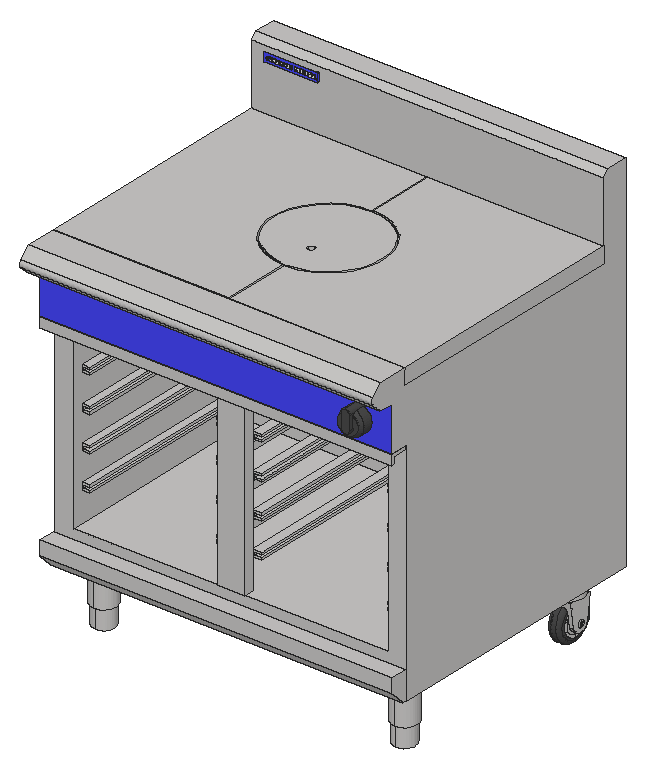
Revit family "QF_MOFFAT_BLUESEAL_CE_G57-CB", category Specialty Equipment, Revit 2012
Parameters
  Width = 900 mm
  Weight in Pounds = 489
  URL Cutsheet = "www.moffat.com"
  URL = "www.moffat.com"
  Type Mark [instance] = ""
  Status [instance] = ""
  Specification by User [instance] = ""
  Specification by Manufacturer = ""
  Show Logo [instance] = yes
  Show Clearance [instance] = yes
  Show Casters [instance] = yes
  Serial Number = ""
  Seismic Rating = ""
  SMACNA No = ""
  Revision Code [instance] = ""
  Omniclass Number and Title = ""
  NAFEM Spec ID Number = ""
  Model = "G57-CB"
  Mechanical Remarks = ""
  Mechanical Connection Type [instance] = ""
  Masterspec = ""
  Manufacturer = "MOFFAT BLUESEAL"
  Legs [instance] = not(Show Casters)  # no
  Item Number [instance] = ""
  Installed By [instance] = ""
  Identify Quantity as Lot [instance] = yes
  Height = 1085 mm
  Gas Size = 3/4"
  Gas RI Height [instance] = 0 mm
  Gas KW [instance] = 12.5
  Gas Input [instance] = 42651.0 Btu/h
  Gas Connection Height = 0 mm
  Furnished By [instance] = ""
  Foodservice Equipment Identifier [instance] = yes
  Description = "900MM GAS TARGET TOP ON CABINET BASE"
  Depth = 812 mm
  CSI MasterFormat = ""
  CSI Master Format = ""
Reference planes
  plane 1 "BACK": y = 0
  plane 2: z = 0
  plane 3 "LEFT": x = 0
  plane 4 "RIGHT": x = 900
  plane 5 "FRONT": y = -812
  plane 6 "TOP": z = 970
  plane 7 "Center Y": x = 450
  plane 8 "Center X": y = -406
  plane 9: x = 280
  plane 10: y = -574.272
  plane 11: x = 60
  plane 12: y = -304.972
  plane 13: y = -364.972
  plane 14: x = 74
  plane 15: x = 834.5
  plane 16: y = -32
  plane 17: z = 655
  plane 18: z = 1085
Forms (mm)
  Extrusion 1, solid, material "QF_Finishes_Stainless Steel"
    sketch origin (0, 0, 0) x (0, 1, 0) y (0, 0, 1)
      loop
        line (0, 1085) -> (-57, 1085) -> (-70, 1072) -> (-70, 875) -> (-705, 875) -> (-705, 915) -> (-783.97, 915) -> (-808.503, 890.467)
        arc (-808.503, 890.467) -> (-812.01, 882) -> (-808.503, 873.533) r 11.974
        line (-808.503, 873.533) -> (-784.97, 850) -> (-749, 850) -> (-749, 736.219) -> (-699, 736.219) -> (-699, 150) -> (0, 150) -> (0, 1085)
      loop
        line (-749, 222.5) -> (-749, 186) -> (-713, 150) -> (-703.2, 150) -> (-703.2, 222.5) -> (-749, 222.5)
      loop
        line (-749, 710) -> (-740.224, 710) -> (-742.613, 726.999) -> (-707.93, 726.999) -> (-707.93, 734.003) -> (-749, 734.003) -> (-749, 710)
    from 0 to 900
  Extrusion 2, solid, material "QF_Finishes_Stainless Steel"
    sketch origin (0, 0, 0) x (0, 1, 0) y (0, 0, 1)
      loop
        line (-70, 915) -> (-705, 915) -> (-705, 875) -> (-70, 875) -> (-70, 915)
    from 0 to 900
  Revolve 3, solid, material "QF_Finishes_Black"
    sketch origin (824.351, 45.874, 0) x (0, 1, 0) y (0, 0, 1)
      loop
        line (-827.874, 829.5) -> (-838.874, 823.651) -> (-838.874, 797) -> (-794.874, 797) -> (-794.874, 802) -> (-804.874, 802) -> (-804.874, 829.5) -> (-827.874, 829.5)
      axis (-838.874, 797) -> (-794.874, 797)
    angle from 0 to 360
  Extrusion 4, solid, material "QF_Finishes_Black"
    sketch origin (676.544, 7, 0) x (1, 0, 0) y (0, 0, 1)
      loop
        line (158.3, 789) -> (158.3, 824)
        arc (158.3, 824) -> (148.3, 834) -> (138.3, 824) r 10
        line (138.3, 824) -> (138.3, 789)
        arc (138.3, 789) -> (148.3, 779) -> (158.3, 789) r 10
    from 759 to 808
  Extrusion 5, void
    sketch origin (0, -72.734, 915) x (1, 0, 0) y (0, -1, 0)
      loop
        line (447.967, 173.281) -> (447.967, -2.734) -> (452.2, -2.734) -> (452.2, 173.283)
        arc (452.2, 173.283) -> (592.5, 315.967) -> (451.798, 458.255) r 142.5
        line (451.798, 458.255) -> (451.798, 632.266) -> (447.7, 632.266) -> (447.7, 458.248)
        arc (447.7, 458.248) -> (307.5, 315.632) -> (447.967, 173.281) r 142.5
      loop
        circle (450, 315.766) r 138
      loop
        circle (450, 370.766) r 8.75
    from 0 to 10
  Revolve 6, solid, material "QF_Finishes_Stainless Steel"
    sketch origin (834.5, -696.126, 0) x (0, 1, 0) y (0, 0, -1)
      loop
        line (39.376, -150) -> (71.126, -150) -> (71.126, 0) -> (43.626, 0) -> (43.626, -50) -> (39.376, -50) -> (39.376, -150)
      axis (71.126, -150) -> (71.126, 0)
    angle from 0 to 360
  Revolve 7, solid, material "QF_Finishes_Stainless Steel"
    sketch origin (65.5, -696.126, 0) x (0, 1, 0) y (0, 0, 1)
      loop
        line (39.376, 150) -> (39.376, 50) -> (43.626, 50) -> (43.626, 0) -> (71.126, 0) -> (71.126, 150) -> (39.376, 150)
      axis (71.126, 150) -> (71.126, 0)
    angle from 0 to 360
  Extrusion 8, solid, material "QF_Finishes_Stainless Steel"
    sketch origin (-64.5, 0, 325) x (1, 0, 0) y (0, 1, 0)
      loop
        circle (834.5, -32) r 10
    from 330 to 355
  Extrusion 9, solid, material "QF_Finishes_Stainless Steel", visible <- "Show Casters"
    sketch origin (71.501, 133.353, -8.783) x (0, 1, 0) y (0, 0, 1)
      loop
        line (-201.603, 118.783) -> (-265.103, 118.783) -> (-252.746, 53.895)
        arc (-252.746, 53.895) -> (-233.353, 38.783) -> (-213.959, 53.895) r 20
        line (-213.959, 53.895) -> (-201.603, 118.783)
    from -35.667 to 22.923
  Revolve 10, solid, material "QF_Finishes_Stainless Steel", visible <- "Show Casters"
    sketch origin (65, -203, 0) x (0, 1, 0) y (0, 0, 1)
      loop
        line (67.25, 150) -> (67.25, 110) -> (103, 110) -> (103, 150) -> (67.25, 150)
      axis (103, 150) -> (103, 110)
    angle from 0 to 360
  Revolve 11, solid, material "QF_Finishes_Stainless Steel", visible <- "Show Casters"
    sketch origin (834.5, -203, 0) x (0, 1, 0) y (0, 0, -1)
      loop
        line (67.25, -150) -> (103, -150) -> (103, -110) -> (67.25, -110) -> (67.25, -150)
      axis (103, -150) -> (103, -110)
    angle from 0 to 360
  Revolve 12, solid, material "QF_Finishes_Stainless Steel", visible <- "Show Casters"
    sketch origin (785.276, -99.755, -13.653) x (1, 0, 0) y (0, 0, 1)
      loop
        line (14.841, 64.453) -> (83.584, 64.453) -> (83.584, 67.958) -> (82.314, 69.228) -> (80.79, 69.228) -> (80.79, 72.674) -> (68.644, 72.674) -> (68.644, 82.639) -> (65.088, 84.692) -> (63.738, 93.028) -> (65.881, 93.028) -> (65.881, 99.378) -> (65.088, 99.378) -> (65.088, 105.728)
        arc (65.088, 105.728) -> (62.298, 112.463) -> (55.563, 115.253) r 9.525
        line (55.563, 115.253) -> (42.863, 115.253)
        arc (42.863, 115.253) -> (36.127, 112.463) -> (33.338, 105.728) r 9.525
        line (33.338, 105.728) -> (33.338, 99.378) -> (32.544, 99.378) -> (32.544, 93.028) -> (34.687, 93.028) -> (33.352, 84.781) -> (29.782, 82.719) -> (29.782, 72.674) -> (17.635, 72.674) -> (17.635, 69.228) -> (16.111, 69.228) -> (14.841, 67.958) -> (14.841, 64.453)
      axis (14.841, 64.453) -> (83.584, 64.453)
    angle from 0 to 360
  Extrusion 13, solid, material "QF_Finishes_Stainless Steel", visible <- "Show Casters"
    sketch origin (841.001, 133.353, -8.783) x (0, 1, 0) y (0, 0, 1)
      loop
        line (-201.603, 118.783) -> (-265.103, 118.783) -> (-252.746, 53.895)
        arc (-252.746, 53.895) -> (-233.353, 38.783) -> (-213.959, 53.895) r 20
        line (-213.959, 53.895) -> (-201.603, 118.783)
    from -35.667 to 22.923
  Revolve 14, solid, material "QF_Finishes_Stainless Steel", visible <- "Legs"
    sketch origin (65, -165, 0) x (0, 1, 0) y (0, 0, 1)
      loop
        line (33.25, 150) -> (33.25, 50) -> (37.5, 50) -> (37.5, 0) -> (65, 0) -> (65, 150) -> (33.25, 150)
      axis (65, 150) -> (65, 0)
    angle from 0 to 360
  Revolve 15, solid, material "QF_Finishes_Stainless Steel", visible <- "Legs"
    sketch origin (834.5, -165, 0) x (0, 1, 0) y (0, 0, -1)
      loop
        line (33.25, -150) -> (65, -150) -> (65, 0) -> (37.5, 0) -> (37.5, -50) -> (33.25, -50) -> (33.25, -150)
      axis (65, -150) -> (65, 0)
    angle from 0 to 360
  Revolve 16, solid, material "QF_Finishes_Stainless Steel", visible <- "Show Casters"
    sketch origin (114.224, -99.755, -13.653) x (-1, 0, 0) y (0, 0, -1)
      loop
        line (14.841, -64.453) -> (14.841, -67.958) -> (16.111, -69.228) -> (17.635, -69.228) -> (17.635, -72.674) -> (29.782, -72.674) -> (29.782, -82.719) -> (33.352, -84.781) -> (34.687, -93.028) -> (32.544, -93.028) -> (32.544, -99.378) -> (33.338, -99.378) -> (33.338, -105.728)
        arc (33.338, -105.728) -> (36.127, -112.463) -> (42.863, -115.253) r 9.525
        line (42.863, -115.253) -> (55.563, -115.253)
        arc (55.563, -115.253) -> (62.298, -112.463) -> (65.088, -105.728) r 9.525
        line (65.088, -105.728) -> (65.088, -99.378) -> (65.881, -99.378) -> (65.881, -93.028) -> (63.738, -93.028) -> (65.088, -84.692) -> (68.644, -82.639) -> (68.644, -72.674) -> (80.79, -72.674) -> (80.79, -69.228) -> (82.314, -69.228) -> (83.584, -67.958) -> (83.584, -64.453) -> (14.841, -64.453)
      axis (14.841, -64.453) -> (83.584, -64.453)
    angle from 0 to 360
  Extrusion 17, void
    sketch origin (0, -696.73, 640) x (0, 0, -1) y (-1, 0, 0)
      loop
        line (395.98, -46.922) -> (-39.02, -46.922) -> (-39.02, -853.078) -> (395.98, -853.078) -> (395.98, -46.922)
    from -2.27 to 558.809
  Extrusion 18, solid, material "QF_Finishes_Stainless Steel"
    sketch origin (0, -699, 640) x (0, 0, 1) y (-1, 0, 0)
      loop
        line (39.02, -485) -> (39.02, -415) -> (-395.98, -415) -> (-395.98, -485) -> (39.02, -485)
    from 0 to -25
  Extrusion 19, solid, material "QF_Finishes_Stainless Steel"
    sketch origin (0, -699, 640) x (0, 0, 1) y (-1, 0, 0)
      loop
        line (-30, -415) -> (-30, -392.5) -> (-35, -392.5) -> (-35, -410) -> (-42.5, -410) -> (-42.5, -392.5) -> (-47.5, -392.5) -> (-47.5, -415) -> (-30, -415)
      loop
        line (-120, -415) -> (-120, -392.5) -> (-125, -392.5) -> (-125, -410) -> (-132.5, -410) -> (-132.5, -392.5) -> (-137.5, -392.5) -> (-137.5, -415) -> (-120, -415)
      loop
        line (-210, -415) -> (-210, -392.5) -> (-215, -392.5) -> (-215, -410) -> (-222.5, -410) -> (-222.5, -392.5) -> (-227.5, -392.5) -> (-227.5, -415) -> (-210, -415)
      loop
        line (-300, -415) -> (-300, -392.5) -> (-305, -392.5) -> (-305, -410) -> (-312.5, -410) -> (-312.5, -392.5) -> (-317.5, -392.5) -> (-317.5, -415) -> (-300, -415)
      loop
        line (-30, -485) -> (-47.5, -485) -> (-47.5, -507.5) -> (-42.5, -507.5) -> (-42.5, -490) -> (-35, -490) -> (-35, -507.5) -> (-30, -507.5) -> (-30, -485)
      loop
        line (-120, -485) -> (-137.5, -485) -> (-137.5, -507.5) -> (-132.5, -507.5) -> (-132.5, -490) -> (-125, -490) -> (-125, -507.5) -> (-120, -507.5) -> (-120, -485)
      loop
        line (-210, -485) -> (-227.5, -485) -> (-227.5, -507.5) -> (-222.5, -507.5) -> (-222.5, -490) -> (-215, -490) -> (-215, -507.5) -> (-210, -507.5) -> (-210, -485)
      loop
        line (-300, -485) -> (-317.5, -485) -> (-317.5, -507.5) -> (-312.5, -507.5) -> (-312.5, -490) -> (-305, -490) -> (-305, -507.5) -> (-300, -507.5) -> (-300, -485)
      loop
        line (-30, -46.922) -> (-47.5, -46.922) -> (-47.5, -69.422) -> (-42.5, -69.422) -> (-42.5, -51.922) -> (-35, -51.922) -> (-35, -69.422) -> (-30, -69.422) -> (-30, -46.922)
      loop
        line (-120, -46.922) -> (-137.5, -46.922) -> (-137.5, -69.422) -> (-132.5, -69.422) -> (-132.5, -51.922) -> (-125, -51.922) -> (-125, -69.422) -> (-120, -69.422) -> (-120, -46.922)
      loop
        line (-210, -46.922) -> (-227.5, -46.922) -> (-227.5, -69.422) -> (-222.5, -69.422) -> (-222.5, -51.922) -> (-215, -51.922) -> (-215, -69.422) -> (-210, -69.422) -> (-210, -46.922)
      loop
        line (-300, -46.922) -> (-317.5, -46.922) -> (-317.5, -69.422) -> (-312.5, -69.422) -> (-312.5, -51.922) -> (-305, -51.922) -> (-305, -69.422) -> (-300, -69.422) -> (-300, -46.922)
      loop
        line (-30, -853.078) -> (-30, -830.578) -> (-35, -830.578) -> (-35, -848.078) -> (-42.5, -848.078) -> (-42.5, -830.578) -> (-47.5, -830.578) -> (-47.5, -853.078) -> (-30, -853.078)
      loop
        line (-120, -853.078) -> (-120, -830.578) -> (-125, -830.578) -> (-125, -848.078) -> (-132.5, -848.078) -> (-132.5, -830.578) -> (-137.5, -830.578) -> (-137.5, -853.078) -> (-120, -853.078)
      loop
        line (-210, -853.078) -> (-210, -830.578) -> (-215, -830.578) -> (-215, -848.078) -> (-222.5, -848.078) -> (-222.5, -830.578) -> (-227.5, -830.578) -> (-227.5, -853.078) -> (-210, -853.078)
      loop
        line (-300, -853.078) -> (-300, -830.578) -> (-305, -830.578) -> (-305, -848.078) -> (-312.5, -848.078) -> (-312.5, -830.578) -> (-317.5, -830.578) -> (-317.5, -853.078) -> (-300, -853.078)
    from -25 to -561.078
Cuts and joins
  Extrusion 5, Extrusion 17 cuts Extrusion 1
  Extrusion 5 cuts Extrusion 2
Lines and regions (mm)
  Split face 1
    outline origin (900, 0, 1085) x (-1, 0, 0) y (0, -1, 0)
      loop
        arc (856, 18.185) -> (864.66, 23.185) -> (864.66, 33.185) r 10
        line (864.66, 33.185) -> (860.619, 40.185)
        arc (860.619, 40.185) -> (856.959, 43.846) -> (851.959, 45.185) r 10
        line (851.959, 45.185) -> (624, 45.185)
        arc (624, 45.185) -> (615.34, 40.185) -> (615.34, 30.185) r 10
        line (615.34, 30.185) -> (619.381, 23.185)
        arc (619.381, 23.185) -> (623.041, 19.525) -> (628.041, 18.185) r 10
        line (628.041, 18.185) -> (856, 18.185)
  Split face 2
    outline origin (900, 0, 1085) x (-1, 0, 0) y (0, -1, 0)
      loop
        arc (566, 18.185) -> (574.66, 23.185) -> (574.66, 33.185) r 10
        line (574.66, 33.185) -> (570.619, 40.185)
        arc (570.619, 40.185) -> (566.959, 43.846) -> (561.959, 45.185) r 10
        line (561.959, 45.185) -> (334, 45.185)
        arc (334, 45.185) -> (325.34, 40.185) -> (325.34, 30.185) r 10
        line (325.34, 30.185) -> (329.381, 23.185)
        arc (329.381, 23.185) -> (333.041, 19.525) -> (338.041, 18.185) r 10
        line (338.041, 18.185) -> (566, 18.185)
  Split face 3
    outline origin (900, 0, 1085) x (-1, 0, 0) y (0, -1, 0)
      loop
        arc (276, 18.185) -> (284.66, 23.185) -> (284.66, 33.185) r 10
        line (284.66, 33.185) -> (280.619, 40.185)
        arc (280.619, 40.185) -> (276.959, 43.846) -> (271.959, 45.185) r 10
        line (271.959, 45.185) -> (44, 45.185)
        arc (44, 45.185) -> (35.34, 40.185) -> (35.34, 30.185) r 10
        line (35.34, 30.185) -> (39.381, 23.185)
        arc (39.381, 23.185) -> (43.041, 19.525) -> (48.041, 18.185) r 10
        line (48.041, 18.185) -> (276, 18.185)
  symbolic lines
    curve 1: line (0, 0, 0) -> (0, -812, 0)
    curve 2: line (900, 0, 0) -> (0, 0, 0)
    curve 3: line (900, -812, 0) -> (900, 0, 0)
    curve 4: line (0, -70, 0) -> (900, -70, 0)
    curve 5: line (900, -812, 0) -> (0, -812, 0)
    curve 6: line (447.967, -72.734, 0) -> (447.967, -246.014, 0)
    curve 7: line (452.2, -246.017, 0) -> (452.2, -72.734, 0)
    curve 8: line (451.798, -705, 0) -> (451.798, -530.989, 0)
    curve 9: line (447.7, -530.981, 0) -> (447.7, -705, 0)
    curve 10: line (900, -72.734, 0) -> (0, -72.734, 0)
    curve 11: line (0, -705, 0) -> (900, -705, 0)
    curve 12: arc (452.2, -246.017, 0) -> (592.5, -388.701, 0) -> (451.798, -530.989, 0) r 142.5
    curve 13: arc (447.7, -530.981, 0) -> (307.5, -388.366, 0) -> (447.967, -246.014, 0) r 142.5
    curve 14: circle (450, -388.5, 0) r 138 normal (0, 0, 1)
    curve 15: arc (458.75, -443.5, 0) -> (450, -452.25, 0) -> (441.25, -443.5, 0) r 8.75
    curve 16: arc (441.25, -443.5, 0) -> (450, -434.75, 0) -> (458.75, -443.5, 0) r 8.75
    curve 17: line (900, -57, 0) -> (0, -57, 0)
    curve 18: line (276, -45.185, 0) -> (48.041, -45.185, 0)
    curve 19: arc (48.041, -45.185, 0) -> (43.041, -43.846, 0) -> (39.381, -40.185, 0) r 10
    curve 20: line (39.381, -40.185, 0) -> (35.34, -33.185, 0)
    curve 21: arc (35.34, -33.185, 0) -> (35.34, -23.185, 0) -> (44, -18.185, 0) r 10
    curve 22: line (44, -18.185, 0) -> (271.959, -18.185, 0)
    curve 23: arc (271.959, -18.185, 0) -> (276.959, -19.525, 0) -> (280.619, -23.185, 0) r 10
    curve 24: line (280.619, -23.185, 0) -> (284.66, -30.185, 0)
    curve 25: arc (284.66, -30.185, 0) -> (284.66, -40.185, 0) -> (276, -45.185, 0) r 10
    curve 26: line (566, -45.185, 0) -> (338.041, -45.185, 0)
    curve 27: arc (338.041, -45.185, 0) -> (333.041, -43.846, 0) -> (329.381, -40.185, 0) r 10
    curve 28: line (329.381, -40.185, 0) -> (325.34, -33.185, 0)
    curve 29: arc (325.34, -33.185, 0) -> (325.34, -23.185, 0) -> (334, -18.185, 0) r 10
    curve 30: line (334, -18.185, 0) -> (561.959, -18.185, 0)
    curve 31: arc (561.959, -18.185, 0) -> (566.959, -19.525, 0) -> (570.619, -23.185, 0) r 10
    curve 32: line (570.619, -23.185, 0) -> (574.66, -30.185, 0)
    curve 33: arc (574.66, -30.185, 0) -> (574.66, -40.185, 0) -> (566, -45.185, 0) r 10
    curve 34: line (856, -45.185, 0) -> (628.041, -45.185, 0)
    curve 35: arc (628.041, -45.185, 0) -> (623.041, -43.846, 0) -> (619.381, -40.185, 0) r 10
    curve 36: line (619.381, -40.185, 0) -> (615.34, -33.185, 0)
    curve 37: arc (615.34, -33.185, 0) -> (615.34, -23.185, 0) -> (624, -18.185, 0) r 10
    curve 38: line (624, -18.185, 0) -> (851.959, -18.185, 0)
    curve 39: arc (851.959, -18.185, 0) -> (856.959, -19.525, 0) -> (860.619, -23.185, 0) r 10
    curve 40: line (860.619, -23.185, 0) -> (864.66, -30.185, 0)
    curve 41: arc (864.66, -30.185, 0) -> (864.66, -40.185, 0) -> (856, -45.185, 0) r 10
    curve 42: line (0, -783.97, 0) -> (900, -783.97, 0)
Dimensions and locks
  equal spacing: plane 3 "LEFT", plane 7 "Center Y", plane 4 "RIGHT"
  "Width": plane 3 "LEFT" to plane 4 "RIGHT"
  equal spacing: plane 5 "FRONT", plane 8 "Center X", plane 1 "BACK"
  "Depth": plane 5 "FRONT" to plane 1 "BACK"
  equal spacing: plane 4 "RIGHT", plane 7 "Center Y", plane 3 "LEFT"
  plane 4 "RIGHT" to plane 3 "LEFT" = 900 mm
  plane 5 "FRONT" to plane 1 "BACK" = 812 mm
  plane 10 to plane 1 "BACK" = 574.272 mm
  plane 12 to plane 1 "BACK" = 304.972 mm  (x2)
  plane 11 to plane 3 "LEFT" = 60 mm
  plane 14 to plane 3 "LEFT" = 74 mm
  plane 9 to plane 3 "LEFT" = 280 mm
  plane 6 "TOP" to plane 2 = 970 mm
  plane 17 to level = 655 mm
  Revolve 12 sketch curve to Revolve 12 sketch curve = 50.8 mm
  Revolve 16 sketch curve to Revolve 16 sketch curve = 50.8 mm
  plane 18 to level = 1085 mm  (x2)
  aligned and locked: level to plane 2
  aligned and locked: curve 3 to plane 4 "RIGHT"
  aligned and locked: Extrusion 1 to Extrusion 2  (x2)
Automatic sketch dimensions
  Extrusion 2 sketch curve to plane 5 "FRONT" = 107 mm
  Extrusion 2 sketch curve to plane 16 = 38 mm
  plane 17 to Extrusion 2 sketch curve = 220 mm
  Extrusion 2 sketch curve to Extrusion 2 sketch curve = 40 mm
  Revolve 3 sketch curve to plane 5 "FRONT" = 19 mm
  Revolve 3 sketch curve to Revolve 3 sketch curve = 0 mm  (x2)
  Revolve 3 sketch curve to Revolve 3 sketch curve = 11 mm
  Revolve 3 sketch curve to Revolve 3 sketch curve = 12.7 mm
  Revolve 3 sketch curve to Revolve 3 sketch curve = 23 mm
  Revolve 3 sketch curve to Revolve 3 sketch curve = 10 mm
  plane 17 to Revolve 3 sketch curve = 142 mm
  Revolve 3 sketch curve to Revolve 3 sketch curve = 5 mm
  Revolve 3 sketch curve to Revolve 3 sketch curve = 26.651 mm
  Revolve 3 sketch curve to Revolve 3 sketch curve = 5.849 mm
  Extrusion 4 sketch curve to plane 15 = 19.656 mm
  Extrusion 4 sketch curve to plane 15 = 9.656 mm
  plane 17 to Extrusion 4 sketch curve = 134 mm
  Extrusion 4 sketch curve to Extrusion 4 sketch curve = 35 mm
  Extrusion 8 sketch curve to plane 16 = 0 mm
  Revolve 7 sketch curve to level = 0 mm
  Revolve 7 sketch curve to Revolve 7 sketch curve = 4.25 mm
  Revolve 7 sketch curve to Revolve 7 sketch curve = 27.5 mm
  Revolve 7 sketch curve to plane 10 = 50.728 mm  (x2)
  Revolve 7 sketch curve to level = 55 mm
  Revolve 7 sketch curve to Revolve 7 sketch curve = 50 mm
  Revolve 7 sketch curve to Revolve 7 sketch curve = 0 mm
  Revolve 7 sketch curve to Revolve 7 sketch curve = 100 mm
  Revolve 6 sketch curve to level = 0 mm
  Revolve 6 sketch curve to Revolve 6 sketch curve = 4.25 mm
  Revolve 6 sketch curve to Revolve 6 sketch curve = 27.5 mm
  Revolve 6 sketch curve to plane 10 = 50.728 mm  (x2)
  level to Revolve 6 sketch curve = 50 mm
  Revolve 6 sketch curve to Revolve 6 sketch curve = 0 mm
  Revolve 6 sketch curve to Revolve 6 sketch curve = 55 mm
  plane 18 to Extrusion 1 sketch curve = 0 mm
  Extrusion 1 sketch curve to plane 1 "BACK" = 0 mm
  Extrusion 1 sketch curve to plane 16 = 25 mm
  Extrusion 1 sketch curve to plane 16 = 38 mm
  Extrusion 1 sketch curve to Extrusion 1 sketch curve = 9.8 mm
  Extrusion 1 sketch curve to Extrusion 1 sketch curve = 32.294 mm
  Extrusion 1 sketch curve to Extrusion 1 sketch curve = 2.389 mm
  Extrusion 1 sketch curve to Extrusion 1 sketch curve = 45.8 mm
  Extrusion 1 sketch curve to Extrusion 1 sketch curve = 6.387 mm
  Extrusion 1 sketch curve to Extrusion 1 sketch curve = 8.776 mm
  Extrusion 1 sketch curve to plane 5 "FRONT" = 3.497 mm  (x2)
  plane 18 to Extrusion 1 sketch curve = 13 mm
  Extrusion 1 sketch curve to plane 6 "TOP" = 55 mm
  Extrusion 1 sketch curve to Extrusion 1 sketch curve = 24.533 mm
  Extrusion 1 sketch curve to Extrusion 1 sketch curve = 8.467 mm
  Extrusion 1 sketch curve to Extrusion 1 sketch curve = 40 mm
  Extrusion 1 sketch curve to Extrusion 1 sketch curve = 25 mm
  plane 17 to Extrusion 1 sketch curve = 81.219 mm
  Extrusion 1 sketch curve to Extrusion 1 sketch curve = 2.216 mm
  Extrusion 1 sketch curve to Extrusion 1 sketch curve = 7.004 mm
  Extrusion 1 sketch curve to Extrusion 1 sketch curve = 16.999 mm
  level to Extrusion 1 sketch curve = 222.5 mm
  Extrusion 1 sketch curve to Extrusion 1 sketch curve = 36.5 mm
  Extrusion 1 sketch curve to Extrusion 1 sketch curve = 36 mm
  Extrusion 5 sketch curve to Extrusion 5 sketch curve = 0 mm  (x4)
  Extrusion 5 sketch curve to Extrusion 2 = 0 mm
  Extrusion 2 to Extrusion 5 sketch curve = 0 mm
  Extrusion 2 to Extrusion 5 sketch curve = 174.019 mm
  Extrusion 2 to Extrusion 5 sketch curve = 447.7 mm
  Extrusion 5 sketch curve to Extrusion 5 sketch curve = 4.098 mm
  Extrusion 5 sketch curve to Extrusion 5 sketch curve = 4.232 mm
  Extrusion 5 sketch curve to Extrusion 5 sketch curve = 0.007 mm
  Extrusion 5 sketch curve to Extrusion 5 sketch curve = 4.481 mm
  Extrusion 5 sketch curve to Extrusion 5 sketch curve = 138 mm
  Extrusion 2 to Extrusion 5 sketch curve = 447.967 mm
  Extrusion 5 sketch curve to Extrusion 5 sketch curve = 2.3 mm
  Extrusion 8 sketch curve to plane 15 = 64.5 mm
  curve 12 to curve 13 = 0 mm  (x2)
  curve 12 to curve 14 = 0 mm  (x2)
  plane 1 "BACK" to curve 1 = 0 mm
  curve 1 to plane 3 "LEFT" = 0 mm
  curve 15 to plane 7 "Center Y" = 0 mm
  curve 13 to plane 7 "Center Y" = 0 mm
  plane 5 "FRONT" to curve 1 = 0 mm
  curve 16 to plane 7 "Center Y" = 8.75 mm
  curve 9 to plane 7 "Center Y" = 2.3 mm
  curve 6 to plane 7 "Center Y" = 2.033 mm
  plane 7 "Center Y" to curve 12 = 1.798 mm
  plane 7 "Center Y" to curve 7 = 2.2 mm
  plane 10 to curve 8 = 43.284 mm
  curve 8 to curve 9 = 0.007 mm
  curve 16 to plane 8 "Center X" = 37.5 mm
  plane 8 "Center X" to curve 13 = 17.5 mm
  curve 6 to plane 16 = 40.734 mm
  curve 10 to curve 4 = 2.734 mm
  curve 4 to curve 17 = 13 mm
  curve 21 to plane 16 = 1.185 mm
  plane 4 "RIGHT" to curve 21 = 864.66 mm
  curve 21 to curve 19 = 4.041 mm
  plane 16 to curve 21 = 3.815 mm
  curve 20 to curve 21 = 8.66 mm
  curve 20 to curve 18 = 8.66 mm
  curve 19 to curve 22 = 223.917 mm
  curve 23 to curve 18 = 4.041 mm
  curve 22 to curve 23 = 8.66 mm
  plane 16 to curve 25 = 1.815 mm
  curve 24 to curve 25 = 4.041 mm
  curve 19 to plane 16 = 13.185 mm
  curve 20 to curve 21 = 7 mm
  plane 16 to curve 23 = 3.815 mm
  curve 28 to plane 16 = 1.185 mm
  curve 24 to curve 28 = 40.679 mm
  curve 28 to plane 16 = 8.185 mm
  curve 29 to curve 28 = 4.041 mm
  curve 28 to curve 30 = 8.66 mm
  curve 27 to curve 26 = 8.66 mm
  plane 16 to curve 31 = 13.815 mm
  curve 27 to curve 31 = 223.917 mm
  curve 33 to plane 16 = 3.185 mm
  curve 31 to curve 33 = 4.041 mm
  plane 16 to curve 32 = 8.815 mm
  curve 31 to curve 32 = 8.66 mm
  plane 16 to curve 33 = 1.815 mm
  curve 32 to curve 33 = 4.041 mm
  curve 37 to plane 16 = 1.185 mm
  curve 33 to curve 37 = 40.679 mm
  curve 37 to curve 35 = 4.041 mm  (x2)
  plane 16 to curve 37 = 3.815 mm
  curve 36 to curve 37 = 8.66 mm
  curve 35 to plane 16 = 3.185 mm
  curve 35 to curve 38 = 223.917 mm
  curve 39 to curve 34 = 4.041 mm
  curve 38 to curve 39 = 8.66 mm
  plane 16 to curve 41 = 1.815 mm
  curve 40 to curve 41 = 4.041 mm
  curve 34 to plane 16 = 13.185 mm
  plane 16 to curve 39 = 3.815 mm
  cut or joined group of Extrusion 1, Extrusion 5, Extrusion 17 to Split face 1 sketch curve = 26.815 mm
  Split face 1 sketch curve to cut or joined group of Extrusion 1, Extrusion 5, Extrusion 17 = 284.66 mm
  Split face 1 sketch curve to Split face 1 sketch curve = 4.041 mm  (x4)
  Split face 1 sketch curve to Split face 1 sketch curve = 8.66 mm  (x2)
  cut or joined group of Extrusion 1, Extrusion 5, Extrusion 17 to Split face 1 sketch curve = 11.815 mm
  Split face 1 sketch curve to cut or joined group of Extrusion 1, Extrusion 5, Extrusion 17 = 48.041 mm
  Split face 1 sketch curve to Split face 1 sketch curve = 7 mm  (x3)
  Split face 1 sketch curve to Split face 1 sketch curve = 17 mm
  cut or joined group of Extrusion 1, Extrusion 5, Extrusion 17 to Split face 2 sketch curve = 26.815 mm
  Split face 2 sketch curve to cut or joined group of Extrusion 1, Extrusion 5, Extrusion 17 = 325.34 mm
  Split face 2 sketch curve to Split face 2 sketch curve = 4.041 mm  (x4)
  Split face 2 sketch curve to Split face 2 sketch curve = 8.66 mm  (x2)
  cut or joined group of Extrusion 1, Extrusion 5, Extrusion 17 to Split face 2 sketch curve = 11.815 mm
  Split face 2 sketch curve to Split face 2 sketch curve = 223.917 mm
  Split face 2 sketch curve to Split face 2 sketch curve = 7 mm  (x3)
  Split face 2 sketch curve to Split face 2 sketch curve = 17 mm
  Split face 3 sketch curve to cut or joined group of Extrusion 1, Extrusion 5, Extrusion 17 = 35.34 mm
  Split face 3 sketch curve to Split face 3 sketch curve = 4.041 mm  (x4)
  Split face 3 sketch curve to Split face 3 sketch curve = 8.66 mm  (x2)
  cut or joined group of Extrusion 1, Extrusion 5, Extrusion 17 to Split face 3 sketch curve = 11.815 mm
  Split face 3 sketch curve to Split face 3 sketch curve = 223.917 mm
  Split face 3 sketch curve to Split face 3 sketch curve = 5 mm
  Split face 3 sketch curve to Split face 3 sketch curve = 10 mm
  Split face 3 sketch curve to Split face 3 sketch curve = 7 mm  (x3)
  Extrusion 9 sketch curve to plane 16 = 99.75 mm
  Extrusion 9 sketch curve to Extrusion 9 sketch curve = 12.357 mm
  Extrusion 9 sketch curve to Extrusion 9 sketch curve = 19.393 mm  (x2)
  level to Extrusion 9 sketch curve = 45.111 mm
  Extrusion 9 sketch curve to plane 16 = 36.25 mm
  Extrusion 9 sketch curve to Extrusion 9 sketch curve = 4.889 mm
  Extrusion 9 sketch curve to Extrusion 9 sketch curve = 64.889 mm
  Revolve 10 sketch curve to plane 16 = 103.75 mm
  Revolve 10 sketch curve to plane 16 = 68 mm
  Revolve 10 sketch curve to Revolve 10 sketch curve = 35.75 mm
  Revolve 10 sketch curve to level = 55 mm
  level to Revolve 10 sketch curve = 50 mm
  Revolve 10 sketch curve to Revolve 10 sketch curve = 60 mm
  Revolve 10 sketch curve to Revolve 10 sketch curve = 40 mm
  Revolve 11 sketch curve to plane 16 = 103.75 mm
  Revolve 11 sketch curve to plane 16 = 68 mm
  Revolve 11 sketch curve to Revolve 11 sketch curve = 35.75 mm
  level to Revolve 11 sketch curve = 150 mm
  Revolve 11 sketch curve to Revolve 11 sketch curve = 40 mm
  level to Revolve 11 sketch curve = 50 mm
  Revolve 11 sketch curve to level = 55 mm
  Revolve 12 sketch curve to plane 15 = 34.382 mm
  Revolve 12 sketch curve to Revolve 12 sketch curve = 1.27 mm  (x4)
  Revolve 12 sketch curve to Revolve 12 sketch curve = 1.524 mm  (x2)
  Revolve 12 sketch curve to Revolve 12 sketch curve = 12.146 mm  (x2)
  Revolve 12 sketch curve to plane 15 = 16.68 mm
  Revolve 12 sketch curve to Revolve 12 sketch curve = 0.794 mm  (x2)
  Revolve 12 sketch curve to Revolve 12 sketch curve = 3.57 mm
  Revolve 12 sketch curve to Revolve 12 sketch curve = 2.143 mm
  Revolve 12 sketch curve to plane 15 = 6.361 mm
  plane 15 to Revolve 12 sketch curve = 5.13 mm
  plane 15 to Revolve 12 sketch curve = 6.339 mm
  plane 15 to Revolve 12 sketch curve = 14.515 mm
  Revolve 12 sketch curve to Revolve 12 sketch curve = 1.349 mm  (x2)
  Revolve 12 sketch curve to Revolve 12 sketch curve = 3.556 mm
  Revolve 12 sketch curve to plane 4 "RIGHT" = 2.18 mm
  level to Revolve 12 sketch curve = 50.8 mm
  Revolve 12 sketch curve to Revolve 12 sketch curve = 0 mm
  Revolve 12 sketch curve to Revolve 12 sketch curve = 3.505 mm  (x2)
  Revolve 12 sketch curve to Revolve 12 sketch curve = 3.447 mm  (x2)
  Revolve 12 sketch curve to Revolve 12 sketch curve = 9.964 mm
  Revolve 12 sketch curve to Revolve 12 sketch curve = 10.045 mm
  Revolve 12 sketch curve to Revolve 12 sketch curve = 2.053 mm
  Revolve 12 sketch curve to Revolve 12 sketch curve = 2.061 mm
  Revolve 12 sketch curve to Revolve 12 sketch curve = 8.247 mm
  Revolve 12 sketch curve to Revolve 12 sketch curve = 8.336 mm
  Revolve 12 sketch curve to Revolve 12 sketch curve = 6.35 mm  (x2)
  Extrusion 13 sketch curve to plane 16 = 99.75 mm
  Extrusion 13 sketch curve to Extrusion 13 sketch curve = 12.357 mm
  Extrusion 13 sketch curve to Extrusion 13 sketch curve = 19.393 mm  (x2)
  level to Extrusion 13 sketch curve = 45.111 mm
  Extrusion 13 sketch curve to plane 16 = 36.25 mm
  Extrusion 13 sketch curve to Extrusion 13 sketch curve = 4.889 mm
  Extrusion 13 sketch curve to Extrusion 13 sketch curve = 64.889 mm
  Revolve 14 sketch curve to level = 0 mm
  Revolve 14 sketch curve to plane 16 = 99.75 mm
  Revolve 14 sketch curve to Revolve 14 sketch curve = 4.25 mm
  Revolve 14 sketch curve to Revolve 14 sketch curve = 27.5 mm  (x2)
  Revolve 14 sketch curve to level = 55 mm
  Revolve 14 sketch curve to Revolve 14 sketch curve = 50 mm
  Revolve 14 sketch curve to Revolve 14 sketch curve = 0 mm
  Revolve 14 sketch curve to Revolve 14 sketch curve = 100 mm
  Revolve 15 sketch curve to level = 0 mm
  Revolve 15 sketch curve to plane 16 = 99.75 mm
  Revolve 15 sketch curve to Revolve 15 sketch curve = 4.25 mm
  Revolve 15 sketch curve to Revolve 15 sketch curve = 27.5 mm  (x2)
  level to Revolve 15 sketch curve = 50 mm
  Revolve 15 sketch curve to Revolve 15 sketch curve = 0 mm
  Revolve 15 sketch curve to Revolve 15 sketch curve = 100 mm
  Revolve 15 sketch curve to Revolve 15 sketch curve = 55 mm
  plane 14 to Revolve 16 sketch curve = 25.382 mm
  Revolve 16 sketch curve to Revolve 16 sketch curve = 1.27 mm  (x4)
  Revolve 16 sketch curve to Revolve 16 sketch curve = 1.524 mm  (x2)
  plane 14 to Revolve 16 sketch curve = 10.442 mm
  plane 14 to Revolve 16 sketch curve = 7.68 mm
  Revolve 16 sketch curve to Revolve 16 sketch curve = 0.794 mm  (x2)
  Revolve 16 sketch curve to Revolve 16 sketch curve = 3.57 mm
  Revolve 16 sketch curve to Revolve 16 sketch curve = 2.143 mm
  Revolve 16 sketch curve to plane 14 = 2.639 mm
  Revolve 16 sketch curve to plane 11 = 0.13 mm
  Revolve 16 sketch curve to plane 11 = 1.339 mm
  Revolve 16 sketch curve to plane 11 = 9.515 mm
  Revolve 16 sketch curve to Revolve 16 sketch curve = 1.349 mm  (x2)
  Revolve 16 sketch curve to Revolve 16 sketch curve = 3.556 mm
  Revolve 16 sketch curve to Revolve 16 sketch curve = 12.146 mm
  Revolve 16 sketch curve to plane 3 "LEFT" = 2.68 mm
  level to Revolve 16 sketch curve = 101.6 mm
  Revolve 16 sketch curve to Revolve 16 sketch curve = 6.35 mm  (x4)
  Revolve 16 sketch curve to Revolve 16 sketch curve = 8.247 mm
  Revolve 16 sketch curve to Revolve 16 sketch curve = 8.336 mm
  Revolve 16 sketch curve to Revolve 16 sketch curve = 2.061 mm
  Revolve 16 sketch curve to Revolve 16 sketch curve = 2.053 mm
  Revolve 16 sketch curve to Revolve 16 sketch curve = 10.045 mm
  Revolve 16 sketch curve to Revolve 16 sketch curve = 9.964 mm
  Revolve 16 sketch curve to Revolve 16 sketch curve = 3.447 mm  (x2)
  Revolve 16 sketch curve to Revolve 16 sketch curve = 3.505 mm
  curve 42 to plane 5 "FRONT" = 28.03 mm
  curve 42 to curve 11 = 78.97 mm
  Extrusion 1 sketch curve to plane 5 "FRONT" = 11.964 mm
  Extrusion 1 sketch curve to plane 5 "FRONT" = 27.03 mm
  Extrusion 1 sketch curve to plane 5 "FRONT" = 28.03 mm
  Extrusion 1 sketch curve to Extrusion 1 sketch curve = 35.97 mm
  Extrusion 1 sketch curve to Extrusion 1 sketch curve = 44 mm
  Extrusion 1 sketch curve to Extrusion 1 sketch curve = 4.2 mm
  level to Extrusion 1 sketch curve = 150 mm
  Extrusion 1 sketch curve to plane 5 "FRONT" = 63 mm
  Revolve 6 sketch curve to Revolve 6 sketch curve = 100 mm
  plane 17 to Extrusion 17 sketch curve = 24.02 mm
  Extrusion 17 sketch curve to plane 11 = 13.078 mm
  level to Extrusion 17 sketch curve = 244.02 mm
  plane 15 to Extrusion 17 sketch curve = 18.578 mm
  plane 7 "Center Y" to Extrusion 18 sketch curve = 35 mm
  level to Extrusion 18 sketch curve = 244.02 mm
  plane 17 to Extrusion 18 sketch curve = 24.02 mm
  Extrusion 18 sketch curve to plane 7 "Center Y" = 35 mm
  plane 15 to Extrusion 19 sketch curve = 18.578 mm  (x4)
  level to Extrusion 19 sketch curve = 322.5 mm  (x3)
  Extrusion 19 sketch curve to plane 7 "Center Y" = 35 mm  (x4)
  Extrusion 19 sketch curve to Extrusion 19 sketch curve = 0 mm  (x10)
  Extrusion 19 sketch curve to plane 14 = 4.578 mm  (x8)
  Extrusion 19 sketch curve to Extrusion 19 sketch curve = 5 mm  (x48)
  Extrusion 19 sketch curve to Extrusion 19 sketch curve = 7.5 mm  (x16)
  plane 7 "Center Y" to Extrusion 19 sketch curve = 35 mm
  Extrusion 19 sketch curve to Extrusion 19 sketch curve = 72.5 mm  (x7)
  Extrusion 19 sketch curve to plane 11 = 13.078 mm
  Extrusion 19 sketch curve to plane 17 = 62.5 mm  (x4)
  Extrusion 19 sketch curve to plane 15 = 3.922 mm  (x8)
  plane 7 "Center Y" to Extrusion 19 sketch curve = 57.5 mm  (x3)
  Extrusion 19 sketch curve to Extrusion 19 sketch curve = 22.5 mm
  Extrusion 19 sketch curve to Extrusion 19 sketch curve = 17.5 mm  (x7)
  Extrusion 19 sketch curve to plane 11 = 8.078 mm  (x3)
  radius of Extrusion 8 sketch curve = 10 mm
  radius of curve 14 = 138 mm
Nested families
  nested 1: "WALDORF LOGO_FACE BASE" at (32, -70, 1055.959) x (1, 0, 0) z (0, -1, 0), visible <- "Show Logo", type "WALDORF LOGO_FACE BASE", detail levels medium+fine
    with Show Logo yes
Connectors
  piping at (770, -32, 655)
    settings: on Extrusion 8, index 4, connector radius 0.37402", flow factor 0, pipe flow 0 GPM, pressure drop 0.00 psi, fitting loss kfactor 0, connector angle 0.00°, fixture units 0, engagement length 0 mm, flow configuration 1, flow direction 1, fitting loss method 0, system type 7, joint type 0, gender type 0, connector reference index -1, connector utility 0, adjustable connector no, is connector primary yes, fitting loss table "", connector description "GAS CONNECTION"
Definition of nested family "WALDORF LOGO_FACE BASE"
  Parameters (values of type "WALDORF LOGO_FACE BASE")
    Show Logo [instance] = yes
    Default Elevation = 1219.2 mm
  Reference planes
    plane 1 "Center (Front/Back)": y = 0
    plane 2: z = 0
    plane 3 "Center (Left/Right)": x = 0
  Forms (mm)
    Extrusion 1, solid
      sketch origin (0, 0, 0) x (1, 0, 0) y (0, 1, 0)
        loop
          line (-1219.2, 1219.2) -> (-1219.2, -1219.2) -> (1219.2, -1219.2) -> (1219.2, 1219.2) -> (-1219.2, 1219.2)
      from 0 to -304.8
    Extrusion 2, solid, material "QF_Finishes_Blue", visible <- "Show Logo"
      sketch origin (0, -33.217, 0) x (1, 0, 0) y (0, 1, 0)
        loop
          arc (138, 31.942) -> (137.626, 32.844) -> (136.724, 33.217) r 1.276
          line (136.724, 33.217) -> (1.29, 33.217)
          arc (1.29, 33.217) -> (0.378, 32.839) -> (0, 31.927) r 1.29
          line (0, 31.927) -> (0, 11.507)
          arc (0, 11.507) -> (0.378, 10.595) -> (1.29, 10.217) r 1.29
          line (1.29, 10.217) -> (136.71, 10.217)
          arc (136.71, 10.217) -> (137.622, 10.595) -> (138, 11.507) r 1.29
          line (138, 11.507) -> (138, 31.942)
      from 0 to 1.588
    Extrusion 3, solid, material "QF_Finishes_White", visible <- "Show Logo"
      sketch origin (0, -33.217, 1.588) x (1, 0, 0) y (0, 1, 0)
        loop
          arc (108.946, 25.919) -> (107.613, 25.367) -> (107.061, 24.034) r 1.885
          line (107.061, 24.034) -> (107.061, 17.211) -> (112.704, 17.211) -> (112.704, 19.129) -> (115.546, 19.129) -> (115.546, 17.211) -> (121.584, 17.211) -> (121.584, 24.075)
          arc (121.584, 24.075) -> (121.043, 25.379) -> (119.739, 25.919) r 1.845
          line (119.739, 25.919) -> (108.946, 25.919)
        loop
          line (123.478, 25.919) -> (123.478, 17.163) -> (134.904, 17.163) -> (134.904, 19.129) -> (129.246, 19.129) -> (129.246, 25.919) -> (123.478, 25.919)
        loop
          line (112.704, 21.258) -> (115.546, 21.258) -> (115.546, 22.702)
          arc (115.546, 22.702) -> (115.344, 23.188) -> (114.858, 23.389) r 0.687
          line (114.858, 23.389) -> (113.363, 23.389)
          arc (113.363, 23.389) -> (112.897, 23.196) -> (112.704, 22.73) r 0.658
          line (112.704, 22.73) -> (112.704, 21.258)
        loop
          line (105.071, 25.919) -> (93.771, 25.919) -> (93.771, 17.163) -> (105.071, 17.163) -> (105.071, 19.063) -> (99.535, 19.063) -> (99.535, 20.437) -> (105.071, 20.437) -> (105.071, 22.278) -> (99.535, 22.278) -> (99.535, 23.587) -> (105.071, 23.587) -> (105.071, 25.919)
        loop
          line (91.104, 25.919) -> (79.541, 25.919)
          arc (79.541, 25.919) -> (78.558, 25.513) -> (78.152, 24.53) r 1.389
          line (78.152, 24.53) -> (78.152, 22.08)
          arc (78.152, 22.08) -> (78.558, 21.098) -> (79.541, 20.691) r 1.389
          line (79.541, 20.691) -> (86.346, 20.691) -> (86.346, 18.864) -> (83.266, 18.864) -> (83.266, 19.664) -> (78.152, 19.664) -> (78.152, 18.553)
          arc (78.152, 18.553) -> (78.558, 17.57) -> (79.541, 17.163) r 1.389
          line (79.541, 17.163) -> (91.063, 17.163)
          arc (91.063, 17.163) -> (92.045, 17.57) -> (92.452, 18.553) r 1.389
          line (92.452, 18.553) -> (92.452, 20.691)
          arc (92.452, 20.691) -> (92.045, 21.673) -> (91.063, 22.08) r 1.389
          line (91.063, 22.08) -> (83.266, 22.08) -> (83.266, 23.984) -> (86.346, 23.984) -> (86.346, 22.743) -> (92.452, 22.743) -> (92.452, 24.571)
          arc (92.452, 24.571) -> (92.057, 25.524) -> (91.104, 25.919) r 1.348
        loop
          line (70.705, 25.919) -> (59.405, 25.919) -> (59.405, 17.163) -> (70.705, 17.163) -> (70.705, 19.063) -> (65.169, 19.063) -> (65.169, 20.437) -> (70.705, 20.437) -> (70.705, 22.278) -> (65.169, 22.278) -> (65.169, 23.587) -> (70.705, 23.587) -> (70.705, 25.919)
        loop
          line (57.598, 25.919) -> (51.7, 25.919) -> (51.7, 20.18)
          arc (51.7, 20.18) -> (50.63, 19.11) -> (49.56, 20.18) r 1.07
          line (49.56, 20.18) -> (49.56, 25.919) -> (43.663, 25.919) -> (43.663, 19.049)
          arc (43.663, 19.049) -> (44.215, 17.716) -> (45.548, 17.163) r 1.885
          line (45.548, 17.163) -> (55.71, 17.163)
          arc (55.71, 17.163) -> (57.045, 17.716) -> (57.598, 19.051) r 1.887
          line (57.598, 19.051) -> (57.598, 25.919)
        loop
          line (31.62, 25.919) -> (31.62, 17.163) -> (43.046, 17.163) -> (43.046, 19.129) -> (37.388, 19.129) -> (37.388, 25.919) -> (31.62, 25.919)
        loop
          line (15.969, 25.919) -> (15.969, 17.163) -> (28.693, 17.163)
          arc (28.693, 17.163) -> (29.812, 17.627) -> (30.276, 18.746) r 1.582
          line (30.276, 18.746) -> (30.276, 20.447) -> (29.48, 21.243) -> (30.276, 22.039) -> (30.276, 24.332)
          arc (30.276, 24.332) -> (29.811, 25.454) -> (28.688, 25.919) r 1.587
          line (28.688, 25.919) -> (15.969, 25.919)
        loop
          line (21.449, 24.159) -> (21.449, 22.436) -> (23.862, 22.436)
          arc (23.862, 22.436) -> (24.723, 23.298) -> (23.862, 24.159) r 0.861
          line (23.862, 24.159) -> (21.449, 24.159)
        loop
          line (21.449, 20.244) -> (21.449, 18.522) -> (23.862, 18.522)
          arc (23.862, 18.522) -> (24.723, 19.383) -> (23.862, 20.244) r 0.861
          line (23.862, 20.244) -> (21.449, 20.244)
      from 0 to 0.2
    Extrusion 4, solid, material "QF_Finishes_Blue", visible <- "Show Logo"
      sketch origin (-126.498, -31.09, 1.588) x (1, 0, 0) y (0, 1, 0)
        loop
          line (136.738, 23.522) -> (136.738, 15.1)
          arc (136.738, 15.1) -> (140.756, 19.311) -> (136.738, 23.522) r 4.216
      from 0 to 0.2
    Extrusion 5, solid, material "QF_Finishes_Red", visible <- "Show Logo"
      sketch origin (146.849, -31.09, 1.588) x (-1, 0, 0) y (0, -1, 0)
        loop
          arc (136.738, -23.522) -> (140.756, -19.311) -> (136.738, -15.1) r 4.216
          line (136.738, -15.1) -> (136.738, -23.522)
      from 0 to 0.2
  Lines and regions (mm)
    Split face 1
      outline origin (-90.35, -30.793, 1.588) x (1, 0, 0) y (0, 1, 0)
        loop
          circle (100.54, 19.013) r 4.536
  Dimensions and locks
    aligned and locked: plane 2 to Extrusion 1
    aligned and locked: level to Extrusion 1
